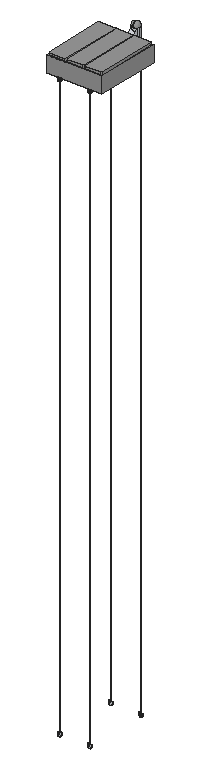
Revit family "62162", category Lighting Fixtures, host Face, Revit 2018
Family settings
  Host = Face
  Round Connector Dimension = Use Diameter
  Part Type = Normal
  OmniClass Number = 23.80.70.00
  OmniClass Title = Lighting
  Cut with Voids When Loaded = No
  Light Source = Yes
  Shared = No
  Room Calculation Point = No
Parameters (values of type "0062162 KUBIXX 4000K 14KLM AISLE SSA N")
  Weight = "n/a"
  Wattage Comments = ""
  Wattage = 9.2903 W
  WarrantyStartDate [instance] = "n/a"
  WarrantyGuarantorParts = "n/a"
  WarrantyDurationUnit = "n/a"
  WarrantyDurationParts = ""
  WarrantyDescription = "http://www.sylvania-lighting.com"
  built-in parameter 1150110 = 1 (stored number, unit not read)
  Voltage = 0 V
  URL = "0"
  TypeName = "KubiXx 4000K 14KLM AISLE SSA N"
  Type Image = <None>
  Type Comments = "n/a"
  Total length = 411.998 mm
  built-in parameter 1114217 = 1 (stored number, unit not read)
  Tilt Angle = -90.00°
  built-in parameter 1150109 = 1 (stored number, unit not read)
  built-in parameter 1150134 = 3
  Suspension height = 3000 mm
  built-in parameter 1150113 = 1 (stored number, unit not read)
  SerialNumber [instance] = "n/a"
  Photometric Web File = "0062162.IES"
  Material_3_SYL = none
  PowerFactor = 0
  PowerConsumption = "Lighting"
  NominalLength = 280 mm
  NominalHeight = 94 mm
  NominalDepth = 330 mm
  Name = "KubiXx 4000K 14KLM AISLE SSA N"
  ModelReference = Name  # "KubiXx 4000K 14KLM AISLE SSA N"
  ModelNumber = "0062162"
  Model = Name  # "KubiXx 4000K 14KLM AISLE SSA N"
  Material = "Feilo Sylvania"
  ManufacturerName = "173 lm/W"
  Manufacturer = ""
  LuminousEfficacy = ""
  built-in parameter 1150105 = 109.82 (stored number, unit not read)
  Lumens = 1380 lm
  LuminaireType = "0"
  built-in parameter 1150115 = 1 (stored number, unit not read)
  LightOutputRatio = "LED"
  built-in parameter 1150137 = (empty or 0)
  built-in parameter 1150139 = (empty or 0)
  LampsType = Lamp  # "n/a"
  LampNominalLuminous = "4000 K"
  LampMacAdamStep = "80"
  LampColourTemperature = "LED"
  LampColourRenderingIndex = "16500"
  built-in parameter 1150112 = 1 (stored number, unit not read)
  built-in parameter 1150114 = 1 (stored number, unit not read)
  Lamp = "n/a"
  Keynote = "n/a"
  InstallationDate [instance] = "n/a"
  InputVoltage = "0"
  InputNominalFrequency = "4000"
  built-in parameter 1150132 = (empty or 0)
  built-in parameter 1150102 = (empty or 0)
  built-in parameter 1150107 = 3200 (stored number, unit not read)
  built-in parameter 1150138 = (empty or 0)
  IngressProtection = "IfcLightFixtureType"
  ImpactProtectionIndex = "IfcLightFixtureType"
  built-in parameter 1150106 = 1.0982 (stored number, unit not read)
  IfcExportType = "IfcLightFixtureType"
  IfcExportAs = "Class I"
  Emit from Circle Diameter = 609.6 mm
  Emit Shape Visible in Rendering = no
  ElectricShockClassification = "173"
  built-in parameter 1150104 = 13.8 (stored number, unit not read)
  DocumentationLiterature = "http://www.sylvania-lighting.com/product/en-int/products/0062162"
  DimmingControlOptions = "n/a"
  Material_2_SYL = none
  Dimming Lamp Color Temperature Shift = <None>
  Description = "Logistics and Industry high bay luminaire with wide optics to provide homogenous light distribution for open space areas. 14400lumens, 83W, 173lm/W, 4000K, CRI80, wide beam optic, SylSmart SSA dimmable, 3 step MacAdam ellipse, grey finish (RAL7012), Class 1, 220-240V, IP65, IK06."
  Default Elevation = 1219.2 mm
  CreatedOn = "08/11/2023"
  CreatedBy = "@sylvania-lighting.com"
  Cost = 0
  Color Filter = 16777215
  built-in parameter 1114216 [instance] = (empty or 0)
  ClassificationValue = "EF_70_80"
  ClassificationName = "Uniclass2015"
  Material_1_SYL = none
  BarCode [instance] = "n/a"
  built-in parameter 1114218 = 1 (stored number, unit not read)
  built-in parameter 1150133 = 10 (stored number, unit not read)
  AssetType = "Fixed"
  AssetIdentifier [instance] = "n/a"
  Assembly Code = "D5020200"
  Apparent Load = 83 VA
  Material_4_SYL = none
Reference planes
  plane 1 "Center (Front/Back)": y = 0
  plane 2: z = 0
  plane 3 "Center (Left/Right)": x = 0
  plane 4: x = -140
  plane 5: x = 140
  plane 6: y = 165
  plane 7: y = -165
  plane 8: z = 94
  plane 9: x = -180.6
  plane 10: y = 160
  plane 11: y = -160
  plane 12: x = -93.6
  plane 13: x = -89.2
  plane 14: x = -2.2
  plane 15: x = 2.2
  plane 16: x = 89.2
  plane 17: x = 93.6
  plane 18: x = 180.6
  plane 19: x = 77.2
  plane 20: x = -77.2
  plane 21: x = -87.2
  plane 22: x = -67.2
  plane 23: z = -18
  plane 24: y = 162
  plane 25: z = -8
  plane 26: y = -162
  plane 27: z = 3083
  plane 28: z = 3094
  plane 29: y = 163.5
  plane 30: z = 3000
  plane 31: z = 2982
  plane 32: x = -225.6
  plane 33: x = 225.6
  plane 34: x = 138.6
  plane 35: x = -138.6
  plane 36: x = 134.2
  plane 37: x = -134.2
  plane 38: x = 47.2
  plane 39: x = -47.2
  plane 40: x = 42.795
  plane 41: x = -42.778
  plane 42: y = -258.869
  plane 43: y = 246.998
Forms (mm)
  Extrusion 1, solid, material "Aluminum", detail levels medium+fine
    sketch origin (0, 0, 0) x (1, 0, 0) y (0, 1, 0)
      loop
        line (-140, 165) -> (-140, -165) -> (140, -165) -> (140, 165) -> (-140, 165)
    from 3000 to 3083
  Extrusion 2, solid, material "Acetal Resin, White", detail levels medium+fine
    sketch origin (91.4, 0, 0) x (1, 0, 0) y (0, 1, 0)
      loop
        arc (-220.89, 160) -> (-224.425, 158.536) -> (-225.89, 155) r 5
        line (-225.89, 155) -> (-225.89, -155)
        arc (-225.89, -155) -> (-224.425, -158.536) -> (-220.89, -160) r 5
        line (-220.89, -160) -> (-143.578, -160)
        arc (-143.578, -160) -> (-140.042, -158.536) -> (-138.578, -155) r 5
        line (-138.578, -155) -> (-138.578, 155)
        arc (-138.578, 155) -> (-140.042, 158.536) -> (-143.578, 160) r 5
        line (-143.578, 160) -> (-220.89, 160)
    from 3083 to 3094
  Extrusion 3, solid, material "Acetal Resin, White", detail levels medium+fine
    sketch origin (182.8, 0, 0) x (1, 0, 0) y (0, 1, 0)
      loop
        arc (-130.605, 160) -> (-134.141, 158.536) -> (-135.605, 155) r 5
        line (-135.605, 155) -> (-135.605, -155)
        arc (-135.605, -155) -> (-134.141, -158.536) -> (-130.605, -160) r 5
        line (-130.605, -160) -> (-53.412, -160)
        arc (-53.412, -160) -> (-49.876, -158.536) -> (-48.412, -155) r 5
        line (-48.412, -155) -> (-48.412, 155)
        arc (-48.412, 155) -> (-49.876, 158.536) -> (-53.412, 160) r 5
        line (-53.412, 160) -> (-130.605, 160)
    from 3083 to 3094
  Extrusion 4, solid
    sketch origin (0, 0, 0) x (1, 0, 0) y (0, 0, 1)
      loop
        line (-87.2, 0) -> (-87.2, -8)
        arc (-87.2, -8) -> (-84.271, -15.071) -> (-77.2, -18) r 10
        arc (-77.2, -18) -> (-70.129, -15.071) -> (-67.2, -8) r 10
        line (-67.2, -8) -> (-67.2, 0) -> (-87.2, 0)
    from -165 to -162
  Extrusion 5, void
    sketch origin (0, 0, 0) x (1, 0, 0) y (0, 0, 1)
      loop
        circle (-77.2, -8) r 3
    from -169.572 to 175.485
  Extrusion 6, solid
    sketch origin (154.4, 0, 0) x (1, 0, 0) y (0, 0, 1)
      loop
        line (-87.2, 0) -> (-87.2, -8)
        arc (-87.2, -8) -> (-84.271, -15.071) -> (-77.2, -18) r 10
        arc (-77.2, -18) -> (-70.129, -15.071) -> (-67.2, -8) r 10
        line (-67.2, -8) -> (-67.2, 0) -> (-87.2, 0)
    from -165 to -162
  Extrusion 7, void
    sketch origin (154.4, 0, 0) x (1, 0, 0) y (0, 0, 1)
      loop
        circle (-77.2, -8) r 3
    from -169.572 to 188.62
  Extrusion 8, solid
    sketch origin (0, 0, 0) x (1, 0, 0) y (0, 0, 1)
      loop
        line (-87.2, 0) -> (-87.2, -8)
        arc (-87.2, -8) -> (-84.271, -15.071) -> (-77.2, -18) r 10
        arc (-77.2, -18) -> (-70.129, -15.071) -> (-67.2, -8) r 10
        line (-67.2, -8) -> (-67.2, 0) -> (-87.2, 0)
    from 162 to 165
  Extrusion 9, solid
    sketch origin (153.445, 0, 0) x (1, 0, 0) y (0, 0, 1)
      loop
        line (-86.235, 0) -> (-86.235, -7.889)
        arc (-86.235, -7.889) -> (-83.306, -14.96) -> (-76.235, -17.889) r 10
        arc (-76.235, -17.889) -> (-69.163, -14.96) -> (-66.235, -7.889) r 10
        line (-66.235, -7.889) -> (-66.235, 0) -> (-86.235, 0)
    from 162 to 165
  Extrusion 10, solid, material "Aluminum", detail levels fine
    sketch origin (0, 0, 2992) x (1, 0, 0) y (0, 0, 1)
      loop
        line (-87.2, 8) -> (-87.2, 0)
        arc (-87.2, 0) -> (-84.271, -7.071) -> (-77.2, -10) r 10
        arc (-77.2, -10) -> (-70.129, -7.071) -> (-67.2, 0) r 10
        line (-67.2, 0) -> (-67.2, 8) -> (-87.2, 8)
    from -165 to -162
  Extrusion 11, void
    sketch origin (0.086, 0, 2990.692) x (1, 0, 0) y (0, 0, 1)
      loop
        circle (-77.2, 0) r 3
    from -169.572 to 175.485
  Extrusion 12, solid, material "Aluminum", detail levels fine
    sketch origin (154.4, 0, 2992) x (1, 0, 0) y (0, 0, 1)
      loop
        line (-87.2, 8) -> (-87.2, 0)
        arc (-87.2, 0) -> (-84.271, -7.071) -> (-77.2, -10) r 10
        arc (-77.2, -10) -> (-70.129, -7.071) -> (-67.2, 0) r 10
        line (-67.2, 0) -> (-67.2, 8) -> (-87.2, 8)
    from -165 to -162
  Extrusion 13, void
    sketch origin (154.475, 0, 2991.254) x (1, 0, 0) y (0, 0, 1)
      loop
        circle (-77.2, 0) r 3
    from -169.572 to 188.62
  Extrusion 14, solid, material "Aluminum", detail levels fine
    sketch origin (0, 0, 2992) x (1, 0, 0) y (0, 0, 1)
      loop
        line (-87.2, 8) -> (-87.2, 0)
        arc (-87.2, 0) -> (-84.271, -7.071) -> (-77.2, -10) r 10
        arc (-77.2, -10) -> (-70.129, -7.071) -> (-67.2, 0) r 10
        line (-67.2, 0) -> (-67.2, 8) -> (-87.2, 8)
    from 162 to 165
  Extrusion 15, solid, material "Aluminum", detail levels fine
    sketch origin (153.445, 0, 2992) x (1, 0, 0) y (0, 0, 1)
      loop
        line (-86.235, 8) -> (-86.235, 0.111)
        arc (-86.235, 0.111) -> (-83.306, -6.96) -> (-76.235, -9.889) r 10
        arc (-76.235, -9.889) -> (-69.163, -6.96) -> (-66.235, 0.111) r 10
        line (-66.235, 0.111) -> (-66.235, 8) -> (-86.235, 8)
    from 162 to 165
  Extrusion 16, solid, material "Stainless Steel"
    sketch origin (0, 0, 0) x (1, 0, 0) y (0, 1, 0)
      loop
        circle (-77.2, 163.5) r 1
    from 0 to 3000
  Extrusion 17, solid, material "Stainless Steel"
    sketch origin (154.4, 0, 0) x (1, 0, 0) y (0, 1, 0)
      loop
        circle (-77.2, 163.5) r 1
    from 0 to 3000
  Extrusion 18, solid, material "Stainless Steel"
    sketch origin (0, -327, 0) x (1, 0, 0) y (0, 1, 0)
      loop
        circle (-77.2, 163.5) r 1
    from 0 to 3000
  Extrusion 19, solid, material "Stainless Steel"
    sketch origin (154.386, -327.05, 0) x (1, 0, 0) y (0, 1, 0)
      loop
        circle (-77.2, 163.5) r 1
    from 0 to 3000
  Extrusion 20, solid, detail levels coarse
    sketch origin (0, 0, 0) x (1, 0, 0) y (0, 0, 1)
      loop
        line (-140, 3094) -> (-140, 0) -> (140, 0) -> (140, 3094) -> (-140, 3094)
    from -246.772 to 165
  Extrusion 21, solid, material "Acetal Resin, White", detail levels medium+fine
    sketch origin (181.395, 0, 0) x (1, 0, 0) y (0, 1, 0)
      loop
        arc (-219.21, 160) -> (-222.746, 158.536) -> (-224.21, 155) r 5
        line (-224.21, 155) -> (-224.21, -155)
        arc (-224.21, -155) -> (-222.746, -158.536) -> (-219.21, -160) r 5
        line (-219.21, -160) -> (-143.578, -160)
        arc (-143.578, -160) -> (-140.042, -158.536) -> (-138.578, -155) r 5
        line (-138.578, -155) -> (-138.578, 155)
        arc (-138.578, 155) -> (-140.042, 158.536) -> (-143.578, 160) r 5
        line (-143.578, 160) -> (-219.21, 160)
    from 3083 to 3094
  Extrusion 22, solid, material "Acetal Resin, White", not visible
    sketch origin (319, 1524, 1219.2) x (0, 1, 0) y (0, 0, 1)
      loop
        line (-1689, 1833.8) -> (-1689, 1863.8) -> (-1799, 1863.8) -> (-1799, 1833.8) -> (-1689, 1833.8)
    from -339.5 to -298.5
  Extrusion 23, void, not visible
    sketch origin (0, 0, 0) x (1, 0, 0) y (0, 1, 0)
      loop
        line (-20.5, -254.5) -> (-20.5, -275) -> (0, -275)
        arc (0, -275) -> (-14.496, -268.996) -> (-20.5, -254.5) r 20.5
    from 3000 to 3132.374
  Extrusion 24, void, not visible
    sketch origin (0, 0, 0) x (1, 0, 0) y (0, 1, 0)
      loop
        arc (20.5, -254.5) -> (14.496, -268.996) -> (0, -275) r 20.5
        line (0, -275) -> (20.5, -275) -> (20.5, -254.5)
    from 3030.992 to 3095.862
  Extrusion 25, void, not visible
    sketch origin (319, 1524, 1219.2) x (0, 1, 0) y (0, 0, 1)
      loop
        line (-1724, 1863.8) -> (-1799, 1863.8) -> (-1799, 1851.8) -> (-1767, 1851.8) -> (-1724, 1863.8)
    from -390.202 to -258.5
  Revolve 26, solid, material "Acetal Resin, White", not visible
    sketch origin (-0.37, 1524, 1219.2) x (0, 1, 0) y (0, 0, 1)
      loop
        line (-1783, 1851.8) -> (-1767, 1851.8)
        arc (-1767, 1851.8) -> (-1773.505, 1859.304) -> (-1783, 1862.216) r 18.002
        line (-1783, 1862.216) -> (-1783, 1851.8)
      axis (-1783, 1862.216) -> (-1783, 1851.8)
    angle from -180 to 179.537
  Extrusion 27, solid, material "Acetal Resin, White", not visible
    sketch origin (319, 1524, 1219.2) x (0, 1, 0) y (0, 0, 1)
      loop
        line (-1689, 1833.8) -> (-1689, 1863.8) -> (-1799, 1863.8) -> (-1799, 1833.8) -> (-1689, 1833.8)
    from -339.5 to -298.5
  Extrusion 28, void, not visible
    sketch origin (0, 0, 0) x (1, 0, 0) y (0, 1, 0)
      loop
        line (-20.5, -254.5) -> (-20.5, -275) -> (0, -275)
        arc (0, -275) -> (-14.496, -268.996) -> (-20.5, -254.5) r 20.5
    from 3000 to 3132.374
  Extrusion 29, void, not visible
    sketch origin (0, 0, 0) x (1, 0, 0) y (0, 1, 0)
      loop
        arc (20.5, -254.5) -> (14.496, -268.996) -> (0, -275) r 20.5
        line (0, -275) -> (20.5, -275) -> (20.5, -254.5)
    from 3030.992 to 3095.862
  Extrusion 30, void, not visible
    sketch origin (319, 1524, 1219.2) x (0, 1, 0) y (0, 0, 1)
      loop
        line (-1724, 1863.8) -> (-1799, 1863.8) -> (-1799, 1851.8) -> (-1767, 1851.8) -> (-1724, 1863.8)
    from -390.202 to -258.5
  Revolve 31, solid, material "Acetal Resin, White", not visible
    sketch origin (-0.37, 1524, 1219.2) x (0, 1, 0) y (0, 0, 1)
      loop
        line (-1783, 1851.8) -> (-1767, 1851.8)
        arc (-1767, 1851.8) -> (-1773.505, 1859.304) -> (-1783, 1862.216) r 18.002
        line (-1783, 1862.216) -> (-1783, 1851.8)
      axis (-1783, 1862.216) -> (-1783, 1851.8)
    angle from -180 to 179.537
  Blend 32, solid
    base sketch origin (0, -0.051, 0) x (1, 0, 0) y (0, 1, 0)
      loop
        circle (0, 228) r 19
    top sketch origin (0, -0.051, 0) x (1, 0, 0) y (0, 1, 0)
      loop
        circle (0, 228) r 19
    from 3039 to 3094
  Revolve 33, solid, material "Acetal Resin, White"
    sketch origin (-0.021, 1523.949, 1219.237) x (0, 1, 0) y (0, 0, 1)
      loop
        line (-1296, 1874.8) -> (-1277, 1874.8)
        arc (-1277, 1874.8) -> (-1282.5, 1888.6) -> (-1296, 1894.8) r 20
        line (-1296, 1894.8) -> (-1296, 1874.8)
      axis (-1296, 1894.8) -> (-1296, 1874.8)
    angle from 179.389 to 539.028
  Extrusion 34, solid
    sketch origin (0, -0.051, 0) x (1, 0, 0) y (0, 1, 0)
      loop
        line (-13.5, 214.609) -> (-13.5, 165) -> (13.5, 165) -> (13.5, 214.609) -> (-13.5, 214.609)
    from 3039 to 3083
  Extrusion 35, void
    sketch origin (319, 1523.949, 1219.2) x (0, 1, 0) y (0, 0, 1)
      loop
        line (-1309.391, 1863.8) -> (-1359, 1863.8) -> (-1359, 1843.8) -> (-1333.226, 1843.8) -> (-1309.391, 1863.8)
    from -343.775 to -294
  Blend 36, solid, not visible
    base sketch origin (0, 0, 0) x (1, 0, 0) y (0, 1, 0)
      loop
        circle (0, 228) r 19
    top sketch origin (0, 0, 0) x (1, 0, 0) y (0, 1, 0)
      loop
        circle (0, 228) r 19
    from 3039 to 3094
  Revolve 37, solid, material "Acetal Resin, White", not visible
    sketch origin (-0.021, 1524, 1219.237) x (0, 1, 0) y (0, 0, 1)
      loop
        line (-1296, 1874.8) -> (-1277, 1874.8)
        arc (-1277, 1874.8) -> (-1282.5, 1888.6) -> (-1296, 1894.8) r 20
        line (-1296, 1894.8) -> (-1296, 1874.8)
      axis (-1296, 1894.8) -> (-1296, 1874.8)
    angle from 179.389 to 539.028
  Extrusion 38, solid, not visible
    sketch origin (0, 0, 0) x (1, 0, 0) y (0, 1, 0)
      loop
        line (-13.5, 214.609) -> (-13.5, 165) -> (13.5, 165) -> (13.5, 214.609) -> (-13.5, 214.609)
    from 3039 to 3083
  Extrusion 39, void, not visible
    sketch origin (319, 1524, 1219.2) x (0, 1, 0) y (0, 0, 1)
      loop
        line (-1309.391, 1863.8) -> (-1359, 1863.8) -> (-1359, 1843.8) -> (-1333.226, 1843.8) -> (-1309.391, 1863.8)
    from -343.775 to -294
Cuts and joins
  Extrusion 5, Extrusion 7, Extrusion 11 cuts Extrusion 4
  Extrusion 7, Extrusion 13 cuts Extrusion 6
  Extrusion 5, Extrusion 11 cuts Extrusion 8
  Extrusion 7, Extrusion 13 cuts Extrusion 9
  Extrusion 11 cuts Extrusion 10
  Extrusion 11 cuts Extrusion 14
  Extrusion 13 cuts Extrusion 12
  Extrusion 13 cuts Extrusion 15
  Extrusion 35 cuts Extrusion 34
Dimensions and locks
  "NominalLength": plane 4 to plane 5
  equal spacing: plane 4, plane 3 "Center (Left/Right)", plane 5
  "NominalDepth": plane 6 to plane 7
  equal spacing: plane 6, plane 1 "Center (Front/Back)", plane 7
  "NominalHeight": plane 8 to level
  Extrusion 3 to plane 3 "Center (Left/Right)" = 47.195 mm
  plane 3 "Center (Left/Right)" to Extrusion 2 = 134.49 mm
  "Suspension height": level to plane 30
  plane 28 to plane 27 = 11 mm
  "NominalHeight": plane 30 to plane 28
  "Total length": plane 43 to plane 7
  aligned and locked: plane 2 to host face
  aligned and locked: level to host face
Automatic sketch dimensions
  host sketch curve to host sketch curve = 2438.4 mm  (x2)
  Extrusion 1 sketch curve to plane 4 = 0 mm
  Extrusion 1 sketch curve to plane 5 = 0 mm
  Extrusion 1 sketch curve to plane 7 = 0 mm
  Extrusion 1 sketch curve to plane 6 = 0 mm
  Extrusion 2 sketch curve to plane 11 = 0 mm
  Extrusion 2 sketch curve to plane 10 = 0 mm
  plane 37 to Extrusion 2 sketch curve = 0.29 mm
  Extrusion 2 sketch curve to plane 37 = 4.71 mm  (x2)
  plane 39 to Extrusion 2 sketch curve = 4.978 mm  (x2)
  Extrusion 2 sketch curve to plane 39 = 0.022 mm
  Extrusion 3 sketch curve to plane 11 = 0 mm
  Extrusion 3 sketch curve to plane 10 = 0 mm
  plane 38 to Extrusion 3 sketch curve = 0.005 mm
  Extrusion 3 sketch curve to plane 38 = 4.995 mm  (x2)
  plane 36 to Extrusion 3 sketch curve = 4.812 mm  (x2)
  Extrusion 3 sketch curve to plane 36 = 0.188 mm
  Extrusion 4 sketch curve to Extrusion 4 sketch curve = 0 mm  (x2)
  Extrusion 4 sketch curve to plane 21 = 0 mm
  Extrusion 4 sketch curve to plane 20 = 0 mm
  Extrusion 4 sketch curve to plane 23 = 0 mm
  Extrusion 4 sketch curve to level = 0 mm
  Extrusion 5 sketch curve to plane 20 = 0 mm
  Extrusion 5 sketch curve to plane 25 = 0 mm
  Extrusion 6 sketch curve to Extrusion 6 sketch curve = 0 mm  (x2)
  Extrusion 6 sketch curve to plane 25 = 0 mm
  Extrusion 6 sketch curve to level = 0 mm
  Extrusion 6 sketch curve to plane 19 = 0 mm
  Extrusion 6 sketch curve to plane 23 = 0 mm
  Extrusion 7 sketch curve to plane 19 = 0 mm
  Extrusion 7 sketch curve to plane 25 = 0 mm
  Extrusion 8 sketch curve to Extrusion 8 sketch curve = 0 mm  (x2)
  Extrusion 8 sketch curve to plane 21 = 0 mm
  Extrusion 8 sketch curve to plane 20 = 0 mm
  Extrusion 8 sketch curve to plane 23 = 0 mm
  Extrusion 8 sketch curve to level = 0 mm
  Extrusion 9 sketch curve to Extrusion 9 sketch curve = 0 mm  (x2)
  Extrusion 9 sketch curve to level = 0 mm
  plane 25 to Extrusion 9 sketch curve = 0.111 mm
  Extrusion 9 sketch curve to plane 19 = 9.989 mm
  plane 19 to Extrusion 9 sketch curve = 0.011 mm
  Extrusion 10 sketch curve to Extrusion 10 sketch curve = 0 mm  (x2)
  Extrusion 10 sketch curve to plane 21 = 0 mm
  Extrusion 10 sketch curve to plane 20 = 0 mm
  Extrusion 10 sketch curve to plane 31 = 0 mm
  Extrusion 10 sketch curve to plane 30 = 0 mm
  plane 20 to Extrusion 11 sketch curve = 0.086 mm
  plane 31 to Extrusion 11 sketch curve = 8.692 mm
  Extrusion 12 sketch curve to Extrusion 12 sketch curve = 0 mm  (x2)
  Extrusion 12 sketch curve to plane 30 = 0 mm
  Extrusion 12 sketch curve to plane 19 = 0 mm
  Extrusion 12 sketch curve to plane 31 = 0 mm
  Extrusion 12 sketch curve to plane 19 = 10 mm
  plane 19 to Extrusion 13 sketch curve = 0.075 mm
  Extrusion 13 sketch curve to plane 30 = 8.746 mm
  Extrusion 14 sketch curve to Extrusion 14 sketch curve = 0 mm  (x2)
  Extrusion 14 sketch curve to plane 21 = 0 mm
  Extrusion 14 sketch curve to plane 20 = 0 mm
  Extrusion 14 sketch curve to plane 31 = 0 mm
  Extrusion 14 sketch curve to plane 30 = 0 mm
  Extrusion 15 sketch curve to Extrusion 15 sketch curve = 0 mm  (x2)
  Extrusion 15 sketch curve to plane 30 = 0 mm
  Extrusion 15 sketch curve to plane 19 = 9.989 mm
  plane 19 to Extrusion 15 sketch curve = 0.011 mm
  Extrusion 15 sketch curve to Extrusion 15 sketch curve = 7.889 mm
  Extrusion 16 sketch curve to plane 20 = 0 mm
  Extrusion 16 sketch curve to plane 29 = 0 mm
  Extrusion 17 sketch curve to plane 19 = 0 mm
  plane 29 to Extrusion 17 sketch curve = 0 mm
  Extrusion 18 sketch curve to plane 20 = 0 mm
  plane 7 to Extrusion 18 sketch curve = 1.5 mm
  Extrusion 19 sketch curve to plane 19 = 0.014 mm
  plane 7 to Extrusion 19 sketch curve = 1.45 mm
  Extrusion 20 sketch curve to level = 0 mm
  Extrusion 20 sketch curve to plane 4 = 0 mm
  Extrusion 20 sketch curve to plane 5 = 0 mm
  Extrusion 20 sketch curve to plane 28 = 0 mm
  Extrusion 21 sketch curve to plane 11 = 0 mm
  Extrusion 21 sketch curve to plane 10 = 0 mm
  plane 41 to Extrusion 21 sketch curve = 0.038 mm
  Extrusion 21 sketch curve to plane 41 = 4.962 mm  (x2)
  plane 40 to Extrusion 21 sketch curve = 4.978 mm  (x2)
  Extrusion 21 sketch curve to plane 40 = 0.022 mm
  Revolve 26 sketch curve to Revolve 26 sketch curve = 2.581 mm
  Extrusion 22 sketch curve to Extrusion 22 sketch curve = 110 mm
  Extrusion 22 sketch curve to Extrusion 22 sketch curve = 30 mm
  Revolve 26 sketch curve to Revolve 26 sketch curve = 0.327 mm
  Revolve 26 sketch curve to Revolve 26 sketch curve = 16 mm
  Revolve 26 sketch curve to Revolve 26 sketch curve = 7.582 mm
  Revolve 26 sketch curve to Revolve 26 sketch curve = 0 mm
  Revolve 26 sketch curve to Revolve 26 sketch curve = 3.524 mm
  Extrusion 23 sketch curve to Extrusion 23 sketch curve = 20.5 mm
  Extrusion 24 sketch curve to Extrusion 24 sketch curve = 20.5 mm
  Extrusion 25 sketch curve to Extrusion 25 sketch curve = 32 mm
  Extrusion 25 sketch curve to Extrusion 25 sketch curve = 43 mm
  Extrusion 25 sketch curve to Extrusion 25 sketch curve = 12 mm
  Revolve 31 sketch curve to Revolve 31 sketch curve = 2.581 mm
  Extrusion 27 sketch curve to Extrusion 27 sketch curve = 110 mm
  Extrusion 27 sketch curve to Extrusion 27 sketch curve = 30 mm
  Revolve 31 sketch curve to Revolve 31 sketch curve = 0.327 mm
  Revolve 31 sketch curve to Revolve 31 sketch curve = 16 mm
  Revolve 31 sketch curve to Revolve 31 sketch curve = 7.582 mm
  Revolve 31 sketch curve to Revolve 31 sketch curve = 0 mm
  Revolve 31 sketch curve to Revolve 31 sketch curve = 3.524 mm
  Extrusion 28 sketch curve to Extrusion 28 sketch curve = 20.5 mm
  Extrusion 29 sketch curve to Extrusion 29 sketch curve = 20.5 mm
  Extrusion 30 sketch curve to Extrusion 30 sketch curve = 32 mm
  Extrusion 30 sketch curve to Extrusion 30 sketch curve = 43 mm
  Extrusion 30 sketch curve to Extrusion 30 sketch curve = 12 mm
  Revolve 33 sketch curve to Revolve 33 sketch curve = 1 mm
  Revolve 33 sketch curve to Revolve 33 sketch curve = 19 mm
  Revolve 33 sketch curve to Revolve 33 sketch curve = 0.025 mm
  Revolve 33 sketch curve to Revolve 33 sketch curve = 0 mm
  Revolve 33 sketch curve to Revolve 33 sketch curve = 8.022 mm
  Revolve 33 sketch curve to Revolve 33 sketch curve = 11.978 mm
  Extrusion 34 sketch curve to Extrusion 34 sketch curve = 27 mm
  Extrusion 34 sketch curve to Extrusion 34 sketch curve = 49.609 mm
  Extrusion 35 sketch curve to Extrusion 35 sketch curve = 25.774 mm
  Extrusion 35 sketch curve to Extrusion 35 sketch curve = 23.835 mm
  Extrusion 35 sketch curve to Extrusion 35 sketch curve = 20 mm
  Revolve 37 sketch curve to Revolve 37 sketch curve = 1 mm
  Revolve 37 sketch curve to Revolve 37 sketch curve = 19 mm
  Revolve 37 sketch curve to Revolve 37 sketch curve = 0.025 mm
  Revolve 37 sketch curve to Revolve 37 sketch curve = 0 mm
  Revolve 37 sketch curve to Revolve 37 sketch curve = 8.022 mm
  Revolve 37 sketch curve to Revolve 37 sketch curve = 11.978 mm
  Extrusion 38 sketch curve to Extrusion 38 sketch curve = 27 mm
  Extrusion 38 sketch curve to Extrusion 38 sketch curve = 49.609 mm
  Extrusion 39 sketch curve to Extrusion 39 sketch curve = 25.774 mm
  Extrusion 39 sketch curve to Extrusion 39 sketch curve = 23.835 mm
  Extrusion 39 sketch curve to Extrusion 39 sketch curve = 20 mm
  Blend 32 sketch curve to plane 3 "Center (Left/Right)" = 0 mm  (x2)
  Blend 32 sketch curve to plane 43 = 19.049 mm  (x2)
  plane 28 to Revolve 33 sketch curve = 0.062 mm
  Revolve 33 sketch curve to plane 43 = 20.049 mm
  Extrusion 34 sketch curve to plane 6 = 0.051 mm
  Extrusion 34 sketch curve to plane 14 = 11.3 mm
  Extrusion 35 sketch curve to plane 27 = 0 mm
  Extrusion 35 sketch curve to plane 6 = 0.051 mm
  radius of Extrusion 5 sketch curve = 3 mm
  radius of Extrusion 7 sketch curve = 3 mm
  radius of Extrusion 11 sketch curve = 3 mm
  radius of Extrusion 13 sketch curve = 3 mm
  radius of Extrusion 16 sketch curve = 1 mm
  radius of Extrusion 17 sketch curve = 1 mm
  radius of Extrusion 18 sketch curve = 1 mm
  radius of Extrusion 19 sketch curve = 1 mm
  radius of Blend 32 sketch curve = 19 mm  (x2)
  radius of Blend 36 sketch curve = 19 mm  (x2)
Connectors
  electrical at (0, 0, 3000)
    settings: on Extrusion 1, index 1, voltage 0 V, apparent load 0 VA, apparent load phase1 0 VA, apparent load phase2 0 VA, apparent load phase3 0 VA, power factor 1, load classification "Other", number of poles 1, system type 31, power factor state 1, is connector primary yes, connector utility no, sub classification motor no, connector description ""
